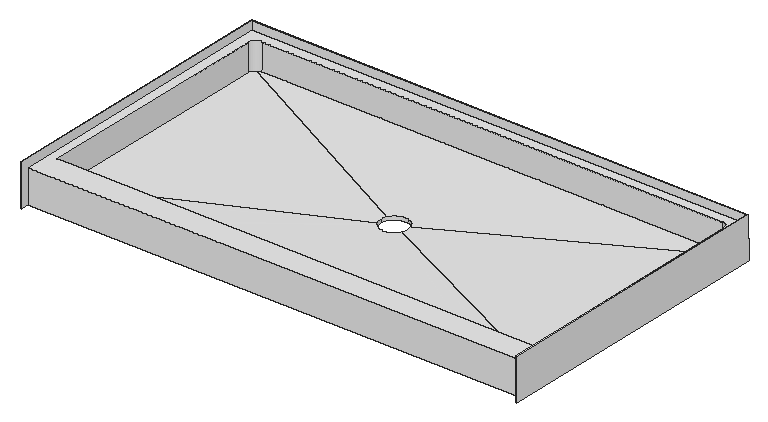
Revit family "P6034.V2", category Plumbing Fixtures, Revit 2019
Family settings
  Round Connector Dimension = Use Diameter
  Part Type = Normal
  OmniClass Number = 23.45.05.14.17
  OmniClass Title = Showers
  Work Plane-Based = No
  Always vertical = Yes
  Cut with Voids When Loaded = No
  Shared = No
  Room Calculation Point = No
Parameters (values of type "P6034.V2")
  Unit Width = 60"
  Unit Height = 5"
  Unit Depth = 35"
  URL = "http://www.bestbath.com/"
  Type Comments = "Remodeler"
  Model = "P6034.V2"
  Material [instance] = Best Bath Gelcoat Fiberglass - Smooth
  Manufacturer = "Best Bath Systems, Inc."
  Keynote = "22 40 00.B3"
  Description = "Shower Pan"
  Assembly Code = "D2010710"
Reference planes (in)
  plane 1: z = 0
  plane 2 "Left": x = 0
  plane 3: y = 2.36165
  plane 4: y = 36.36165
  plane 5: x = 60
  plane 6: y = 35.11165
  plane 7: y = 20.36165
  plane 8: x = 30
  plane 9: z = 0.375
  plane 10: z = 0.75
  plane 11: z = 4
  plane 12: y = 1.36165
  plane 13: y = 5.36165
  plane 14: z = 5
Forms (in)
  Extrusion 1, solid, material "Best Bath Gelcoat Fiberglass - Smooth"
    sketch origin (0, 0, 0) x (1, 0, 0) y (0, 1, 0)
      loop
        line (0, 2.36165) -> (60, 2.36165) -> (60, 36.36165) -> (0, 36.36165) -> (0, 2.36165)
      loop
        circle (30, 20.36165) r 1.625
    from 0 to 0.75
  Blend 2, void
    base sketch origin (0, 0, 0) x (1, 0, 0) y (0, 1, 0)
      loop
        line (1.25, 6.11165) -> (58.75, 6.11165) -> (58.75, 35.11165) -> (1.25, 35.11165) -> (1.25, 6.11165)
    top sketch origin (0, 0, 0) x (1, 0, 0) y (0, 1, 0)
      loop
        circle (30, 20.36165) r 0.07952
    from 0.75 to 0.375
  Extrusion 3, solid, material "Best Bath Gelcoat Fiberglass - Smooth"
    sketch origin (0, 0, 0) x (1, 0, 0) y (0, 1, 0)
      loop
        line (0, 36.36165) -> (0, 2.36165) -> (1.25, 2.36165) -> (1.25, 34.11165)
        arc (1.25, 34.11165) -> (1.54289, 34.81875) -> (2.25, 35.11165) r 1
        line (2.25, 35.11165) -> (57.75, 35.11165)
        arc (57.75, 35.11165) -> (58.45711, 34.81875) -> (58.75, 34.11165) r 1
        line (58.75, 34.11165) -> (58.75, 2.36165) -> (60, 2.36165) -> (60, 35.11165) -> (60, 36.36165) -> (0, 36.36165)
    from 0 to 4
  Sweep 4, solid, material "Best Bath Gelcoat Fiberglass - Smooth"
    path origin (0, 0, 0) x (1, 0, 0) y (0, 1, 0)
      loop
        line (1.25, 2.36165) -> (58.75, 2.36165)
    profile origin (30, 2.36165, 0) x (0, 1, 0) y (0, 0, 1)
      loop
        line (0, 0) -> (3.80029, 0) -> (3.00029, 4) -> (0, 4) -> (0, 0)
  Extrusion 5, solid, material "Best Bath Gelcoat Fiberglass - Smooth"
    sketch origin (0, 0, 4) x (1, 0, 0) y (0, 1, 0)
      loop
        line (0.125, 1.36165) -> (0.125, 36.23665) -> (59.875, 36.23665) -> (59.875, 1.36165) -> (60, 1.36165) -> (60, 36.36165) -> (0, 36.36165) -> (0, 1.36165) -> (0.125, 1.36165)
    from -4 to 1
Cuts and joins
  Blend 2 cuts Extrusion 1
  joined: Extrusion 1, Extrusion 3, Sweep 4, Extrusion 5
Dimensions and locks (in)
  equal spacing: plane 2 "Left", plane 8, plane 5, locked at 30 each
  locked: plane 2 "Left" to plane 5 at 60
  plane 4 to plane 6 = 1 1/4"
  plane 4 to plane 7 = 16"
  locked: plane 10 to level at 0.75
  locked: plane 10 to plane 9 at 0.375
  plane 11 to level = 4"
  locked: plane 3 to plane 12 at 1
  "Unit Depth": plane 4 to plane 12
  plane 13 to plane 3 = 3"
  plane 14 to plane 11 = 1"
  "Unit Height": plane 14 to level
  aligned and locked: level to plane 1
  aligned and locked: Extrusion 1 sketch curve to plane 3
  aligned and locked: Extrusion 1 sketch curve to plane 2 "Left"
  aligned and locked: plane 4 to Extrusion 1 sketch curve
  aligned and locked: Extrusion 1 sketch curve to plane 5
  aligned and locked: plane 8 to Extrusion 1 sketch curve
  aligned and locked: plane 7 to Extrusion 1 sketch curve
  aligned and locked: plane 10 to Extrusion 1
  aligned and locked: plane 7 to Blend 2 sketch curve
  aligned and locked: plane 8 to Blend 2 sketch curve
  aligned and locked: Extrusion 1 to Blend 2
  aligned and locked: Blend 2 to plane 9
  aligned and locked: plane 11 to Extrusion 3
  aligned and locked: plane 11 to cut or joined group of Extrusion 1, Blend 2, Extrusion 3, Sweep 4, Extrusion 5
  aligned and locked: Extrusion 5 to level
Automatic sketch dimensions
  Extrusion 3 sketch curve to plane 2 "Left" = 0"
  Extrusion 3 sketch curve to plane 3 = 0"  (x2)
  Extrusion 3 sketch curve to plane 6 = 0"  (x2)
  Extrusion 3 sketch curve to plane 5 = 0"
  Extrusion 3 sketch curve to plane 4 = 0"
  Extrusion 3 sketch curve to Extrusion 3 sketch curve = 1 1/4"
  Extrusion 3 sketch curve to Extrusion 3 sketch curve = 1"
  Extrusion 3 sketch curve to plane 6 = 1"
  plane 5 to Extrusion 3 sketch curve = 2 1/4"
  Sweep 4 sketch curve to plane 3 = 0"
  plane 2 "Left" to Sweep 4 sketch curve = 1 1/4"
  plane 5 to Sweep 4 sketch curve = 1 1/4"
  Extrusion 5 sketch curve to Extrusion 3 = 0"  (x3)
  Extrusion 3 to Extrusion 5 sketch curve = 1"  (x2)
  Extrusion 5 sketch curve to Extrusion 3 = 1/8"  (x3)
  Sweep 4 sketch curve to profile plane = 0"
  Sweep 4 sketch curve to level = 0"
  Sweep 4 sketch curve to profile plane = 3.00029"
  Sweep 4 sketch curve to profile plane = 3.80029"
  level to Sweep 4 sketch curve = 4"
  Blend 2 sketch curve to plane 6 = 0"
  plane 2 "Left" to Blend 2 sketch curve = 1 1/4"
  plane 5 to Blend 2 sketch curve = 1 1/4"
  plane 13 to Blend 2 sketch curve = 3/4"
  radius of Extrusion 1 sketch curve = 1 5/8"
  radius of Blend 2 sketch curve = 0.07952"
